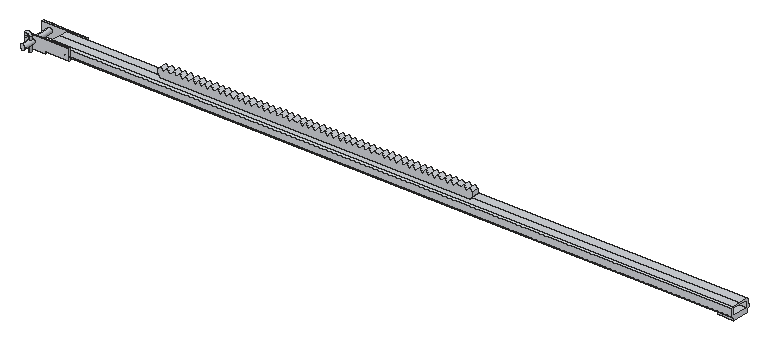
Revit family "020320_Platform Beam BR", category Generic Models, Revit 2019
Family settings
  Can host rebar = No
  Round Connector Dimension = Use Diameter
  Part Type = Normal
  Work Plane-Based = No
  Always vertical = Yes
  Cut with Voids When Loaded = No
  Shared = No
  Room Calculation Point = No
Reference planes
  plane 1 "Center (Front/Back)": y = 0
  plane 2: z = 0
  plane 3 "Center (Left/Right)": x = 0
  plane 4: z = 2160
  plane 5: x = 2192
  plane 6: x = 32
  plane 7: z = 2240
Forms (mm)
  Extrusion 1, solid
    sketch origin (1104.315, 16.205, 1120.811) x (0, 1, 0) y (0.000252, 0, -1)
      loop
        line (0, 0) -> (28, 0) -> (32, 4) -> (32, 26) -> (28, 30) -> (-28, 30) -> (-32, 26) -> (-32, 4) -> (-28, 0) -> (0, 0)
      loop
        line (28, 26) -> (-28, 26) -> (-28, 4) -> (0, 4) -> (28, 4) -> (28, 26)
    from 0 to 2160
  Extrusion 2, solid
    sketch origin (1104.315, 16.205, 1120.811) x (0, 1, 0) y (0.000252, 0, -1)
      loop
        line (0, 40) -> (-25, 40) -> (-25, 30) -> (25, 30) -> (25, 40) -> (0, 40)
    from 0 to 50
  Extrusion 3, solid
    sketch origin (1085.965, 16.205, 1120.807) x (0.000252, 0, -1) y (-1, 0, -0.000252)
      loop
        line (0, 2160) -> (0, 2081.651) -> (35, 2081.651) -> (35, 2154.337) -> (40, 2154.337) -> (40, 2221.651) -> (0, 2221.651) -> (0, 2160)
    from 32 to 37
  Extrusion 4, solid
    sketch origin (1085.965, 16.205, 1120.807) x (0.000252, 0, -1) y (1, 0, 0.000252)
      loop
        line (0, -2160) -> (0, -2221.651) -> (40, -2221.651) -> (40, -2154.337) -> (35, -2154.337) -> (35, -2081.651) -> (0, -2081.651) -> (0, -2160)
    from 32 to 37
  Extrusion 5, solid
    sketch origin (1104.315, 16.205, 1120.811) x (0.000252, 0, -1) y (-1, 0, -0.000252)
      loop
        circle (18.738, 2216.599) r 8
    from -74.166 to 37
  Extrusion 6, solid
    sketch origin (1086.984, 16.205, 1120.807) x (0.000252, 0, -1) y (-1, 0, -0.000252)
      loop
        circle (18.738, 2199.027) r 15
    from 42.805 to 37
  Extrusion 7, solid
    sketch origin (1104.315, 16.205, 1120.811) x (0, 1, 0) y (-1, 0, -0.000252)
      loop
        circle (-44.512, 2216.875) r 3
    from -44.059 to 0
  Revolve 8, solid
    sketch origin (1104.315, 16.205, 1120.811) x (0, 1, 0) y (-1, 0, -0.000252)
      loop
        circle (-44.512, 2216.875) r 3
      axis (-47.512, 2224.089) -> (-41.512, 2224.089)
    angle from 0 to -180
  Extrusion 9, solid
    sketch origin (1089.887, 16.205, 1120.808) x (0, 1, 0) y (-1, 0, -0.000252)
      loop
        circle (-44.512, 2216.875) r 3
    from -6.995 to 0
  Extrusion 10, solid
    sketch origin (1104.315, 16.205, 1120.811) x (0, 1, 0) y (-1, 0, -0.000252)
      loop
        line (10, 1840) -> (-10, 1840) -> (-10, 840) -> (10, 840) -> (10, 1840)
    from 0 to 33
  Extrusion 11, void
    sketch origin (1104.315, 16.205, 1120.811) x (0.000252, 0, -1) y (-1, 0, -0.000252)
      loop
        line (-43, 1840) -> (-43, 840) -> (-23, 840) -> (-33, 850) -> (-23, 860) -> (-33, 870) -> (-23, 880) -> (-33, 890) -> (-23, 900) -> (-33, 910) -> (-23, 920) -> (-33, 930) -> (-23, 940) -> (-33, 950) -> (-23, 960) -> (-33, 970) -> (-23, 980) -> (-33, 990) -> (-23, 1000) -> (-33, 1010) -> (-23, 1020) -> (-33, 1030) -> (-23, 1040) -> (-33, 1050) -> (-23, 1060) -> (-33, 1070) -> (-23, 1080) -> (-33, 1090) -> (-23, 1100) -> (-33, 1110) -> (-23, 1120) -> (-33, 1130) -> (-23, 1140) -> (-33, 1150) -> (-23, 1160) -> (-33, 1170) -> (-23, 1180) -> (-33, 1190) -> (-23, 1200) -> (-33, 1210) -> (-23, 1220) -> (-33, 1230) -> (-23, 1240) -> (-33, 1250) -> (-23, 1260) -> (-33, 1270) -> (-23, 1280) -> (-33, 1290) -> (-23, 1300) -> (-33, 1310) -> (-23, 1320) -> (-33, 1330) -> (-23, 1340) -> (-33, 1350) -> (-23, 1360) -> (-33, 1370) -> (-23, 1380) -> (-33, 1390) -> (-23, 1400) -> (-33, 1410) -> (-23, 1420) -> (-33, 1430) -> (-23, 1440) -> (-33, 1450) -> (-23, 1460) -> (-33, 1470) -> (-23, 1480) -> (-33, 1490) -> (-23, 1500) -> (-33, 1510) -> (-23, 1520) -> (-33, 1530) -> (-23, 1540) -> (-33, 1550) -> (-23, 1560) -> (-33, 1570) -> (-23, 1580) -> (-33, 1590) -> (-23, 1600) -> (-33, 1610) -> (-23, 1620) -> (-33, 1630) -> (-23, 1640) -> (-33, 1650) -> (-23, 1660) -> (-33, 1670) -> (-23, 1680) -> (-33, 1690) -> (-23, 1700) -> (-33, 1710) -> (-23, 1720) -> (-33, 1730) -> (-23, 1740) -> (-33, 1750) -> (-23, 1760) -> (-33, 1770) -> (-23, 1780) -> (-33, 1790) -> (-23, 1800) -> (-33, 1810) -> (-23, 1820) -> (-33, 1830) -> (-23, 1840) -> (-43, 1840)
    from -10 to 10
  Extrusion 12, void
    sketch origin (1104.315, 16.205, 1120.811) x (0.000252, 0, -1) y (-1, 0, -0.000252)
      loop
        line (0, 1840) -> (-10, 1840) -> (0, 1830) -> (0, 1840)
      loop
        line (0, 840) -> (0, 850) -> (-10, 840) -> (0, 840)
    from -10 to 10
Cuts and joins
  Extrusion 11, Extrusion 12 cuts Extrusion 10
  joined: Extrusion 1, Extrusion 2, Extrusion 3, Extrusion 4, Extrusion 5, Extrusion 6, Extrusion 7, Revolve 8, Extrusion 9, Extrusion 10
Dimensions and locks
  aligned and locked: level to plane 2
